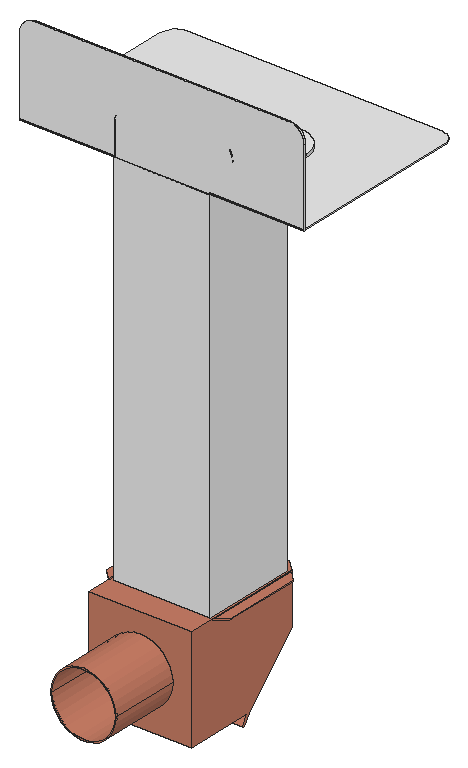
Revit family "Plumbing_Drainage_Menzies-Metal_Clamp-Tite_Box-Scupper_Copper-TPO", category Plumbing Fixtures, host Face, Revit 2018
Family settings
  Host = Face
  Round Connector Dimension = Use Diameter
  Part Type = Normal
  OmniClass Number = 23.70.50.21.24.11
  OmniClass Title = Roof Waste Water Drains
  Cut with Voids When Loaded = No
  Shared = No
  Room Calculation Point = No
Parameters (values of type "3" downspout")
  Weight = 4.40 lbf
  URL = "https://www.menzies-metal.com/tpo-products/clamp-tite-copper-box-scupper-tpo/"
  Strainer Note [instance] = "Strainer kit sold separately."  # constant formula
  Strainer Kit [instance] = No Strainer Kit : None
  Product data url = "https://www.bimobject.com/menzies-metal/product/clamptite-boxscupper-copper-tpo"
  Product Material = Metal - Menzies Metal Products - Copper
  Product Guid = "66634ec9-53f4-4fc0-acc2-6e6f6b3c707f"
  Pipe Diameter = 2 3/4"  # constant formula
  Model = "300-3063TPO"
  Manufacturer = "Menzies Metal Products"  # constant formula
  Edition number = 1
  Drain Flow = 0 GPM
  Description = "Clamp-Tite Copper Box Scupper TPO"
  Default Elevation = 4' - 0"
  Box Length Note = "Cut to suit wall depth."  # constant formula
  Box Length = 1' - 5"
  Assembly Code = "D2040200"
Types (2): name | Weight | Strainer Kit | Model
  3" downspout | 4.40 lbf | No Strainer Kit : None | "300-3063TPO"
  3" downspout w/ strainer kit | 4.50 lbf | Plumbing_Drainage_Menzies-Metal_Strainer-Kit-for-Box-Scupper : Strainer Kit for Clamp-TiteBox Scupper | "300-3063TPO & 300-3199"
Reference planes (in)
  plane 1 "Center (Front/Back)": y = 0
  plane 2: z = 0
  plane 3 "Center (Left/Right)": x = 0
  plane 4: z = -17
  plane 5: x = -6
  plane 6: x = 6
  plane 7: x = -3
  plane 8: x = 3
Forms (in)
  Extrusion 1, solid, material "Metal - Menzies Metal Products - Copper" <- "Product Material", detail levels coarse
    sketch origin (0, 0, 0) x (1, 0, 0) y (0, 1, 0)
      loop
        line (-2.0365, 0.042) -> (2.0365, 0.042) -> (2.0365, 4.092) -> (-2.0365, 4.092) -> (-2.0365, 0.042)
    from -17 to 0
  Extrusion 2, solid, material "Metal - Menzies Metal Products - Copper" <- "Product Material", detail levels coarse
    sketch origin (0, 0, 0) x (0, 1, 0) y (0, 0, 1)
      loop
        line (0.063, 0) -> (8.094, 0) -> (8.094, 0.03125) -> (0.09425, 0.03125) -> (0.09425, 3.92) -> (0.063, 3.92) -> (0.063, 0)
    from -6 to 6
  Extrusion 3, solid, material "Metal - Menzies Metal Products - Aluminum", detail levels coarse
    sketch origin (0, 0, 0) x (0, 1, 0) y (0, 0, 1)
      loop
        line (0.209, 2.64613) -> (0.09425, 2.64613) -> (0.09425, 0.03125) -> (5.13413, 0.03125) -> (5.13413, 0.146) -> (0.209, 0.146) -> (0.209, 2.64613)
    from -3 to 3
  Extrusion 4, solid, material "Metal - Menzies Metal Products - Copper TPO Coated", detail levels medium+fine
    sketch origin (0, 0, 0) x (1, 0, 0) y (0, 1, 0)
      loop
        line (2.0365, 0.042) -> (2.0365, 4.092) -> (-2.0365, 4.092) -> (-2.0365, 0.042) -> (2.0365, 0.042)
      loop
        line (-2.00525, 4.06075) -> (-2.00525, 0.07325) -> (2.00525, 0.07325) -> (2.00525, 4.06075) -> (-2.00525, 4.06075)
    from -17 to 0
  Extrusion 5, solid, material "Metal - Menzies Metal Products - Copper TPO Coated", detail levels medium+fine
    sketch origin (0, 0, 0) x (1, 0, 0) y (0, 0, 1)
      loop
        arc (-5.375, 3.92) -> (-5.81694, 3.73694) -> (-6, 3.295) r 0.625
        line (-6, 3.295) -> (-6, 0) -> (6, 0) -> (6, 3.295)
        arc (6, 3.295) -> (5.81694, 3.73694) -> (5.375, 3.92) r 0.625
        line (5.375, 3.92) -> (-5.375, 3.92)
    from -0.09425 to -0.063
  Extrusion 6, solid, material "Metal - Menzies Metal Products - Copper TPO Coated", detail levels medium+fine
    sketch origin (0, 0, 0) x (1, 0, 0) y (0, 1, 0)
      loop
        line (-6, 0.063) -> (-2, 0.063) -> (-2, 4.06075) -> (2, 4.06075) -> (2, 0.063) -> (6, 0.063) -> (6, 7.469)
        arc (6, 7.469) -> (5.81694, 7.91094) -> (5.375, 8.094) r 0.625
        line (5.375, 8.094) -> (-5.375, 8.094)
        arc (-5.375, 8.094) -> (-5.81694, 7.91094) -> (-6, 7.469) r 0.625
        line (-6, 7.469) -> (-6, 0.063)
    from 0 to 0.03125
  Extrusion 7, solid, material "Metal - Menzies Metal Products - Aluminum", detail levels medium+fine
    sketch origin (0, 0, 0) x (1, 0, 0) y (0, 1, 0)
      loop
        arc (-1.75, 5.13413) -> (-2.63388, 4.76802) -> (-3, 3.88413) r 1.25
        line (-3, 3.88413) -> (-3, 0.209) -> (-1.99927, 0.209)
        arc (-1.99927, 0.209) -> (-1.93738, 0.39363) -> (-1.76181, 0.47785) r 0.25
        arc (-1.76181, 0.47785) -> (-1.48721, 0.60318) -> (-1.375, 0.8834) r 0.406
        line (-1.375, 0.8834) -> (-1.375, 1.38486)
        arc (-1.375, 1.38486) -> (-1.48721, 1.66508) -> (-1.76181, 1.79041) r 0.406
        arc (-1.76181, 1.79041) -> (-1.93091, 1.86758) -> (-2, 2.04013) r 0.25
        line (-2, 2.04013) -> (-2, 3.88413)
        arc (-2, 3.88413) -> (-1.92678, 4.06091) -> (-1.75, 4.13413) r 0.25
        line (-1.75, 4.13413) -> (-0.656, 4.13413)
        arc (-0.656, 4.13413) -> (-0.47922, 4.06091) -> (-0.406, 3.88413) r 0.25
        line (-0.406, 3.88413) -> (-0.406, 3.45013)
        arc (-0.406, 3.45013) -> (0.00001, 3.04413) -> (0.40601, 3.45013) r 0.40601
        line (0.40601, 3.45013) -> (0.40601, 3.88411)
        arc (0.40601, 3.88411) -> (0.47923, 4.06087) -> (0.65599, 4.13409) r 0.24998
        line (0.65599, 4.13409) -> (1.74992, 4.13409)
        arc (1.74992, 4.13409) -> (1.92664, 4.06089) -> (1.99983, 3.88417) r 0.24992
        line (1.99983, 3.88417) -> (1.99983, 2.04036)
        arc (1.99983, 2.04036) -> (1.93066, 1.86778) -> (1.76145, 1.79076) r 0.24986
        arc (1.76145, 1.79076) -> (1.48624, 1.66537) -> (1.37376, 1.38464) r 0.40656
        line (1.37376, 1.38464) -> (1.37376, 0.88115)
        arc (1.37376, 0.88115) -> (1.48625, 0.59972) -> (1.76174, 0.47336) r 0.40829
        arc (1.76174, 0.47336) -> (1.93615, 0.39066) -> (2.0014, 0.209) r 0.25288
        line (2.0014, 0.209) -> (3, 0.209) -> (3, 3.88413)
        arc (3, 3.88413) -> (2.63388, 4.76802) -> (1.75, 5.13413) r 1.25
        line (1.75, 5.13413) -> (-1.75, 5.13413)
    from 0.021 to 0.146
  Extrusion 8, solid, material "Metal - Menzies Metal Products - Aluminum", detail levels medium+fine
    sketch origin (0, 0, 0) x (1, 0, 0) y (0, 0, 1)
      loop
        arc (-1.75, 2.64613) -> (-2.63388, 2.28002) -> (-3, 1.39613) r 1.25
        line (-3, 1.39613) -> (-3, 0.03125) -> (-2, 0.03125) -> (-2, 1.39613)
        arc (-2, 1.39613) -> (-1.92678, 1.57291) -> (-1.75, 1.64613) r 0.25
        line (-1.75, 1.64613) -> (1.75, 1.64613)
        arc (1.75, 1.64613) -> (1.92678, 1.57291) -> (2, 1.39613) r 0.25
        line (2, 1.39613) -> (2, 0.03125) -> (3, 0.03125) -> (3, 1.39613)
        arc (3, 1.39613) -> (2.63388, 2.28002) -> (1.75, 2.64613) r 1.25
        line (1.75, 2.64613) -> (-1.75, 2.64613)
    from -0.209 to -0.084
  Extrusion 9, void
    sketch origin (0, 0, 0) x (1, 0, 0) y (0, 1, 0)
      loop
        line (2.0365, 4.092) -> (-2.0365, 4.092) -> (-2.0365, 0.042) -> (2.0365, 0.042) -> (2.0365, 4.092)
    from -17 to 0
Lines and regions (in)
  Masking region 1
    outline origin (0, 0, 0) x (1, 0, 0) y (0, 0, 1)
      loop
        arc (-5.375, 3.92) -> (-5.81694, 3.73694) -> (-6, 3.295) r 0.625
        line (-6, 3.295) -> (-6, 0) -> (-2.0365, 0) -> (-2.0365, -16) -> (2.0365, -16) -> (2.0365, 0) -> (6, 0) -> (6, 3.295)
        arc (6, 3.295) -> (5.81694, 3.73694) -> (5.375, 3.92) r 0.625
        line (5.375, 3.92) -> (-5.375, 3.92)
  symbolic lines, detail levels medium+fine
    curve 1: line (-6, 0, 0) -> (6, 0, 0)
    curve 2: line (6, 0, 0.03125) -> (-6, 0, 0.03125)
Dimensions and locks (in)
  "Box Length": host face to plane 4
  Extrusion 1 sketch curve to plane 3 "Center (Left/Right)" to Extrusion 1 sketch curve = 0' - 2.0365" locked, 0' - 2.0365" locked
  plane 1 "Center (Front/Back)" to Extrusion 1 sketch curve to Extrusion 1 sketch curve = 0' - 0.042" locked, 0' - 4.05" locked
  Extrusion 2 sketch curve to Extrusion 2 sketch curve to Extrusion 2 sketch curve to plane 1 "Center (Front/Back)" = 0' - 7.99975" locked, 0' - 0 1/32" locked, 0' - 0.063" locked
  Extrusion 2 sketch curve to Extrusion 2 sketch curve to level to Extrusion 2 sketch curve = 0' - 3.88875" locked, 0' - 0 1/32" locked, 0' - 0" locked
  equal spacing: plane 6, plane 3 "Center (Left/Right)", plane 5
  locked: plane 5 to plane 6 at 12
  Extrusion 3 sketch curve to Extrusion 3 sketch curve to Extrusion 2 to plane 1 "Center (Front/Back)" = 0' - 4.92513" locked, 0' - 0.11475" locked, 0' - 0.09425" locked
  Extrusion 3 sketch curve to Extrusion 3 sketch curve to Extrusion 3 sketch curve to plane 2 = 0' - 2.50013" locked, 0' - 0.11475" locked, 0' - 0 1/32" locked
  plane 8 to plane 3 "Center (Left/Right)" to plane 7 = 0' - 3" locked, 0' - 3" locked
  locked: plane 1 "Center (Front/Back)" to nested 1 at 4.06625
  equal spacing: Extrusion 6 sketch curve, plane 3 "Center (Left/Right)", Extrusion 6 sketch curve, locked at 2 each
  locked: Extrusion 6 sketch curve to plane 3 "Center (Left/Right)" at 2
  locked: Masking region 1 sketch curve to plane 4 at 1
  aligned and locked: plane 2 to host face
  aligned and locked: level to host face
  aligned and locked: Extrusion 1 to plane 4
  aligned and locked: plane 2 to Extrusion 1
  aligned and locked: plane 5 to Extrusion 2
  aligned and locked: Extrusion 2 to plane 6
  aligned and locked: plane 7 to Extrusion 3
  aligned and locked: Extrusion 3 to plane 8
  aligned and locked: plane 4 to nested 1
  aligned and locked: nested 1 to plane 3 "Center (Left/Right)"
  aligned and locked: host face to Extrusion 4
  aligned and locked: Extrusion 4 to plane 4
  aligned and locked: Extrusion 2 to Extrusion 5 sketch curve  (x2)
  aligned and locked: Extrusion 5 sketch curve to Extrusion 2
  aligned and locked: host face to Extrusion 5 sketch curve
  aligned and locked: Extrusion 5 to Extrusion 2  (x2)
  aligned and locked: Extrusion 6 sketch curve to plane 5
  aligned and locked: Extrusion 6 sketch curve to plane 6
  aligned and locked: Extrusion 2 to Extrusion 6 sketch curve
  aligned and locked: Extrusion 6 sketch curve to Extrusion 2
  aligned and locked: Extrusion 6 to Extrusion 2
  aligned and locked: Extrusion 2 to plane 2
  aligned and locked: Extrusion 8 to Extrusion 3
  aligned and locked: Masking region 1 sketch curve to Extrusion 5  (x3)
  aligned and locked: host face to Masking region 1 sketch curve  (x2)
  aligned and locked: Extrusion 4 to Masking region 1 sketch curve
  aligned and locked: Masking region 1 sketch curve to Extrusion 4
  aligned and locked: curve 1 to Extrusion 6
  aligned and locked: curve 2 to Extrusion 6
  aligned and locked: Extrusion 9 sketch curve to Extrusion 4  (x4)
  aligned and locked: Extrusion 9 to plane 4
  aligned and locked: level to Extrusion 9
Automatic sketch dimensions
  host sketch curve to host sketch curve = 8' - 0"  (x2)
  Extrusion 3 sketch curve to plane 1 "Center (Front/Back)" = 0' - 0.09425"
  plane 8 to Extrusion 4 sketch curve = 0' - 0.9635"
  Extrusion 4 sketch curve to plane 1 "Center (Front/Back)" = 0' - 4.092"
  Extrusion 4 sketch curve to plane 7 = 0' - 0.9635"
  Extrusion 4 sketch curve to plane 1 "Center (Front/Back)" = 0' - 0.042"
  Extrusion 4 sketch curve to Extrusion 4 sketch curve = 0' - 0 1/32"  (x4)
  Extrusion 5 sketch curve to plane 5 = 0' - 0 5/8"
  Extrusion 5 sketch curve to Extrusion 5 sketch curve = 0' - 0 5/8"
  Extrusion 6 sketch curve to Extrusion 6 sketch curve = 0' - 0 5/8"
  plane 6 to Extrusion 6 sketch curve = 0' - 0 5/8"
  Extrusion 6 sketch curve to Extrusion 6 sketch curve = 0' - 0"  (x2)
  Extrusion 6 sketch curve to Extrusion 6 sketch curve = 0' - 3.99775"
  Extrusion 7 sketch curve to Extrusion 7 sketch curve = 0' - 0"  (x3)
  Extrusion 7 sketch curve to plane 7 = 0' - 1"
  Extrusion 7 sketch curve to plane 1 "Center (Front/Back)" = 0' - 0.209"  (x2)
  Extrusion 7 sketch curve to plane 7 = 0' - 1.00073"
  Extrusion 7 sketch curve to Extrusion 7 sketch curve = 0' - 0.21827"
  Extrusion 7 sketch curve to Extrusion 7 sketch curve = 0' - 0.24927"
  Extrusion 7 sketch curve to Extrusion 7 sketch curve = 0' - 0 1/4"  (x2)
  Extrusion 7 sketch curve to Extrusion 7 sketch curve = 0' - 0.406"
  Extrusion 7 sketch curve to plane 3 "Center (Left/Right)" = 0' - 0.656"
  Extrusion 7 sketch curve to plane 3 "Center (Left/Right)" = 0' - 0.406"
  plane 3 "Center (Left/Right)" to Extrusion 7 sketch curve = 0' - 0"
  Extrusion 7 sketch curve to Extrusion 7 sketch curve = 0' - 0.24998"
  plane 3 "Center (Left/Right)" to Extrusion 7 sketch curve = 0' - 1.37376"
  Extrusion 7 sketch curve to Extrusion 7 sketch curve = 0' - 0.37504"
  Extrusion 7 sketch curve to Extrusion 7 sketch curve = 0' - 0.37621"
  Extrusion 7 sketch curve to Extrusion 7 sketch curve = 0' - 0.00008"
  Extrusion 7 sketch curve to Extrusion 7 sketch curve = 0' - 0.40656"
  Extrusion 7 sketch curve to Extrusion 7 sketch curve = 0' - 0.40829"
  Extrusion 7 sketch curve to Extrusion 7 sketch curve = 0' - 0.24983"
  Extrusion 7 sketch curve to plane 1 "Center (Front/Back)" = 0' - 0.22082"
  Extrusion 7 sketch curve to plane 1 "Center (Front/Back)" = 0' - 0.22813"
  Extrusion 7 sketch curve to Extrusion 7 sketch curve = 0' - 0.66033"
  Extrusion 7 sketch curve to Extrusion 7 sketch curve = 0' - 0.65527"  (x2)
  Extrusion 7 sketch curve to Extrusion 7 sketch curve = 0' - 0.50349"
  Extrusion 7 sketch curve to Extrusion 7 sketch curve = 0' - 0.50147"
  Extrusion 7 sketch curve to Extrusion 7 sketch curve = 0' - 0.65572"
  Extrusion 7 sketch curve to Extrusion 7 sketch curve = 0' - 1.40977"
  Extrusion 7 sketch curve to Extrusion 7 sketch curve = 0' - 0.43398"
  Extrusion 7 sketch curve to Extrusion 7 sketch curve = 0' - 0.434"
  Extrusion 7 sketch curve to Extrusion 7 sketch curve = 0' - 0.01294"
  Extrusion 7 sketch curve to plane 7 = 0' - 0"
  Extrusion 7 sketch curve to Extrusion 7 sketch curve = 0' - 0.00004"
  Extrusion 7 sketch curve to plane 8 = 0' - 0"
  Extrusion 8 sketch curve to Extrusion 8 sketch curve = 0' - 0"  (x4)
  plane 8 to Extrusion 8 sketch curve = 0' - 0"
  Extrusion 8 sketch curve to plane 7 = 0' - 1"
  Extrusion 8 sketch curve to Extrusion 8 sketch curve = 0' - 0 1/4"  (x2)
  level to Extrusion 8 sketch curve = 0' - 0 1/32"  (x2)
  Extrusion 8 sketch curve to Extrusion 8 sketch curve = 0' - 1.36488"
  plane 7 to Extrusion 8 sketch curve = 0' - 0"
Nested families (in)
  nested 1: "Catch Box" at (0, -0.03125, -16) x (1, 0, 0) z (0, 0, -1), type "Catch Box"
  nested 2: "No Strainer Kit" at (0, 0.084, 0) x (0, 1, 0) z (0, 0, 1), type <- "Strainer Kit", type "None"
Connectors (in)
  piping at (0, -4.06625, -18.2), diameter 2.75, driven by "Drain Flow", driven by "Pipe Diameter"
    settings: on nested 1, index 1, connector inside diameter 24", connector length 0' - 0", flow factor 0, pipe flow 0 GPM, pressure drop 0.00 psi, fitting loss kfactor 0, connector angle 0.00°, fixture units 0, engagement length 0' - 0", angle of deflection 0.00°, flow configuration 0, flow direction 2, fitting loss method 0, system type 22, joint type 0, gender type 0, connector reference index -1, connector utility 0, adjustable connector no, is connector primary yes, connector description "Drain Pipe Connection"
Definition of nested family "Catch Box"
  Parameters (values of type "Catch Box")
    Material = none
    Default Elevation = 4' - 0"
  Reference planes (in)
    plane 1 "Center (Front/Back)": y = 0
    plane 2: z = 0
    plane 3 "Center (Left/Right)": x = 0
    plane 4: z = 1
    plane 5: y = -4.035
    plane 6: x = -2.17
    plane 7: x = 2.17
  Forms (in)
    Extrusion 1, solid, material <- "Material"
      sketch origin (0, 0, 0) x (0, 1, 0) y (0, 0, 1)
        loop
          line (-1.06, 0) -> (4.694, 0) -> (4.694, 0.03125) -> (4.22, 0.03125) -> (4.22, 2.12355) -> (1.93515, 4.40841) -> (1.70103, 4.81391) -> (1.65258, 4.78595) -> (1.87541, 4.4) -> (-1.06, 4.4) -> (-1.06, 0)
      from -2.17 to 2.17
    Extrusion 2, solid, material <- "Material", detail levels coarse
      sketch origin (0, 0, 0) x (1, 0, 0) y (0, 0, 1)
        loop
          circle (0, 2.2) r 1.375
      from 1.06 to 4.035
    Extrusion 3, solid, material <- "Material"
      sketch origin (0, 0, 0) x (1, 0, 0) y (0, 1, 0)
        loop
          line (-2.614, 3.72) -> (-2.614, 0.465) -> (-2.17, 0.021) -> (-2.17, 4.164) -> (-2.614, 3.72)
        loop
          line (2.614, 3.72) -> (2.17, 4.164) -> (2.17, 0.021) -> (2.614, 0.465) -> (2.614, 3.72)
      from 0 to 0.03125
    Extrusion 4, solid, material <- "Material", detail levels medium+fine
      sketch origin (0, 0, 0) x (1, 0, 0) y (0, 0, 1)
        loop
          circle (0, 2.2) r 1.375
        loop
          circle (0, 2.2) r 1.33984
      from 1.06 to 4.035
    Extrusion 5, void
      sketch origin (0, 0, 0) x (1, 0, 0) y (0, 1, 0)
        loop
          line (-1.64, 4.694) -> (-2.17, 4.694) -> (-2.17, 4.164) -> (-1.64, 4.694)
        loop
          line (2.17, 4.2) -> (2.17, 4.694) -> (1.676, 4.694) -> (2.17, 4.2)
      from 0 to 12
  Cuts and joins
    Extrusion 5 cuts Extrusion 1
  Lines and regions (in)
    Masking region 1
      outline origin (0, 0, 0) x (1, 0, 0) y (0, 0, 1)
        loop
          line (-2.17, 4.81391) -> (-2.17, 0.03125) -> (-2.614, 0.03125) -> (-2.614, 0) -> (2.614, 0) -> (2.614, 0.03125) -> (2.17, 0.03125) -> (2.17, 4.81391) -> (-2.17, 4.81391)
    symbolic lines, detail levels medium+fine
      curve 1: line (2.17, 0, 4.4) -> (-2.17, 0, 4.4)
      curve 2: line (2.17, 0, 0.03125) -> (-2.17, 0, 0.03125)
  Dimensions and locks (in)
    locked: plane 4 to level at 1
    locked: plane 1 "Center (Front/Back)" to plane 5 at 4.035
    equal spacing: plane 7, plane 3 "Center (Left/Right)", plane 6, locked at 2.17 each
    locked: plane 7 to plane 6 at 4.34
    Extrusion 2 sketch curve to plane 3 "Center (Left/Right)" to Extrusion 2 sketch curve = 0' - 1 3/8" locked, 0' - 1 3/8" locked
    locked: Extrusion 2 sketch curve to level at 0.825
    aligned and locked: plane 2 to level
    aligned and locked: Extrusion 1 to plane 6
    aligned and locked: Extrusion 1 to plane 7
    aligned and locked: Extrusion 2 to Extrusion 1
    aligned and locked: plane 5 to Extrusion 2
    aligned and locked: Extrusion 3 to level
    aligned and locked: Extrusion 3 to Extrusion 1
    aligned and locked: Extrusion 4 sketch curve to Extrusion 2  (x2)
    aligned and locked: Extrusion 4 to Extrusion 1
    aligned and locked: plane 5 to Extrusion 4
    aligned and locked: plane 7 to Extrusion 5 sketch curve
    aligned and locked: Extrusion 5 sketch curve to plane 6
    aligned and locked: Extrusion 5 sketch curve to Extrusion 1
    aligned and locked: Extrusion 1 to Extrusion 5 sketch curve
    aligned and locked: Masking region 1 sketch curve to cut or joined group of Extrusion 1, Extrusion 5  (x3)
    aligned and locked: cut or joined group of Extrusion 1, Extrusion 5 to Masking region 1 sketch curve
    aligned and locked: Masking region 1 sketch curve to Extrusion 3  (x2)
    aligned and locked: Extrusion 3 to Masking region 1 sketch curve
    aligned and locked: curve 1 to cut or joined group of Extrusion 1, Extrusion 5
    aligned and locked: curve 2 to cut or joined group of Extrusion 1, Extrusion 5
  Automatic sketch dimensions
    Extrusion 1 sketch curve to level = 0' - 0"
    plane 1 "Center (Front/Back)" to Extrusion 1 sketch curve = 0' - 1.06"
    Extrusion 1 sketch curve to plane 1 "Center (Front/Back)" = 0' - 1.87541"
    plane 4 to Extrusion 1 sketch curve = 0' - 1.12355"
    Extrusion 1 sketch curve to Extrusion 1 sketch curve = 0' - 2.28485"
    level to Extrusion 1 sketch curve = 0' - 0 1/32"
    Extrusion 1 sketch curve to Extrusion 1 sketch curve = 0' - 0.474"
    plane 4 to Extrusion 1 sketch curve = 0' - 3.4"
    Extrusion 1 sketch curve to Extrusion 1 sketch curve = 0' - 0.00841"
    Extrusion 1 sketch curve to Extrusion 1 sketch curve = 0' - 0.22283"
    Extrusion 1 sketch curve to Extrusion 1 sketch curve = 0' - 0.04844"
    Extrusion 1 sketch curve to Extrusion 1 sketch curve = 0' - 0.02797"
    Extrusion 3 sketch curve to plane 6 = 0' - 0"
    Extrusion 3 sketch curve to plane 7 = 0' - 0"
    Extrusion 3 sketch curve to plane 6 = 0' - 0.444"
    Extrusion 3 sketch curve to plane 7 = 0' - 0.444"
    Extrusion 3 sketch curve to plane 1 "Center (Front/Back)" = 0' - 0.021"  (x2)
    Extrusion 3 sketch curve to plane 1 "Center (Front/Back)" = 0' - 0.465"  (x2)
    Extrusion 3 sketch curve to Extrusion 3 sketch curve = 0' - 3.255"  (x2)
    Extrusion 3 sketch curve to Extrusion 3 sketch curve = 0' - 0.444"  (x2)
    Extrusion 4 sketch curve to Extrusion 4 sketch curve = 0' - 0"  (x2)
    Extrusion 5 sketch curve to Extrusion 5 sketch curve = 0' - 0"  (x2)
    Extrusion 5 sketch curve to Extrusion 5 sketch curve = 0' - 0.53"  (x2)
    plane 7 to Extrusion 5 sketch curve = 0' - 0.494"
    Extrusion 5 sketch curve to Extrusion 5 sketch curve = 0' - 0.494"
    level to Masking region 1 sketch curve = 0' - 0 1/32"
    curve 1 to plane 6 = 0' - 0"
    curve 2 to plane 6 = 0' - 0"
    curve 1 to plane 7 = 0' - 0"
    level to curve 2 = 0' - 0 1/32"
    plane 7 to curve 2 = 0' - 0"
    plane 4 to curve 1 = 0' - 3.4"
    radius of Extrusion 4 sketch curve = 0' - 1 87/256"
Definition of nested family "No Strainer Kit"
  Reference planes (in)
    plane 1 "Center (Front/Back)": y = 0
    plane 2: z = 0
    plane 3 "Center (Left/Right)": x = 0
  Dimensions and locks (in)
    aligned and locked: level to plane 2
